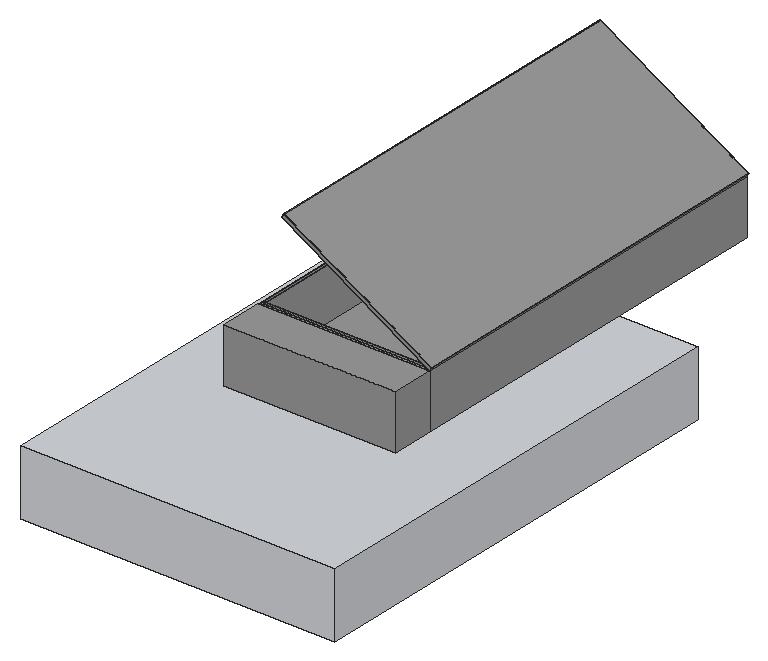
Revit family "Hager-Univers-IP55-D275-H2050-Cl.II-Steel_encl-CH-fr", category Equipement électrique, Revit 2020
Family settings
  Hôte = Face
  Configuration du panneau = Deux colonnes, circuits au sein
  Cote de connecteur circulaire = Utiliser le diamètre
  Type d'élément = Tableau de raccordement
  Couper avec des vides une fois chargée = Non
  Partagée = Non
  Point de calcul de pièce = Non
Parameters (values of type "installation au sol IP55 L800 H2050 P275  - FR23S2")
  Width Control [instance] = if([EF000008 - largeur] > Min Width, [EF000008 - largeur], Min Width)  # 800 mm
  Commentaires du type = [HG000003 - Gamme]  # "Univers"
  Thickness Door [instance] = if([EF009171 - épaisseur de matériau de la porte/du couvercle] > 3 mm, 3 mm, [EF009171 - épaisseur de matériau de la porte/du couvercle])  # 1.5 mm
  Seal Frame Offset [instance] = 17 mm  # constant formula
  Plinth Visibility [instance] = [HG000027 - Hauteur du socle] > 0 mm  # yes
  Model = ""
  Min Width [instance] = 100 mm  # constant formula
  Min Height [instance] = 100 mm  # constant formula
  Min Depth [instance] = (2 * [EF009170 - épaisseur de matériau du boîtier]) + 1 mm  # 4 mm
  Internal Frame Depth [instance] = (Door System Depth * 0.5)  # 9 mm
  Height Control [instance] = if([EF000040 - hauteur] > Min Height, [EF000040 - hauteur], Min Height)  # 2050 mm
  HG000027 - Hauteur du socle = 200 mm
  HG000026 - Installation au sol = yes
  HG000024 - Hauteur de la section basse = 800 mm
  HG000023 - Armoire double section = no
  HG000016 - Visibilité de la porte 3D [instance] = yes
  HG000015 - Visibilité de l'emprise de la porte [instance] = no
  HG000014 - Porte à droite [instance] = yes
  HG000013 - Porte à gauche [instance] = not([HG000014 - Porte à droite])  # no
  HG000012 - Angle de pivotement de la porte [instance] = 30.00°
  HG000010 - Portes asymétriques = no
  HG000009 - Porte à double battant = no
  HG000006 - Encastré = no
  HG000004 - Référence fabricant = "FR23S2"
  HG000003 - Gamme = "Univers"
  HG000002 - avec porte = yes
  Frame Offset Bottom [instance] = 10 mm  # constant formula
  Frame Offset [instance] = 15 mm  # constant formula
  EF015940 - couvercle avec décharge de pression = no
  EF011959 - degré de protection (NEMA) = ""
  EF009554 - nombre d'ouvertures pour plaques à bride = 6
  Fabricant = "Hager"  # constant formula
  EF009212 - finition du couvercle = "EV000116 - fermé"
  EF009171 - épaisseur de matériau de la porte/du couvercle = 1.5 mm
  EF009170 - épaisseur de matériau du boîtier = 1.5 mm
  EF008873 - courant nominal (In) = 800 A
  EF007800 - adapté à un parafoudre = no
  EF006306 - avec serrure = no
  EF006244 - couvercle/porte transparent(e) = no
  EF005474 - indice de protection (IP) = "EV006420 - IP55"
  EF004464 - type de porte = "EV002646 - unique"
  EF004427 - nombre de modules = 432
  EF004293 - indice de protection contre les chocs (IK) = "EV008784 - IK10"
  EF003532 - convient pour utilisation à l’extérieur = no
  EF002950 - largeur en nombre de modules = 24
  EF001613 - maintien de fonction = "EV000494 - sans"
  EF001596 - matériau du boîtier/corps = "EV000179 - acier"
  EF001131 - profondeur intérieure = 275 mm
  EF001088 - possibilité de montage en saillie = yes
  EF000437 - nombre d'entrées de conduit = 6
  EF000339 - type de capot = "EV004216 - porte"
  EF000266 - nombre de rangées = 12
  EF000218 - profondeur d'encastrement = 0 mm
  EF000118 - avec cadre/support de montage = no
  EF000116 - numéro RAL = "7035"
  EF000049 - profondeur = 275 mm
  EF000040 - hauteur = 2050 mm
  EF000008 - largeur = 800 mm
  EF000007 - couleur = "EV000270 - gris"
  EF000003 - mode de pose = "EV012274 - installation au sol"
  Door System Leaf Tolerance [instance] = 1.5 mm  # constant formula
  Door System Depth [instance] = 18 mm  # constant formula
  Door Height [instance] = Height Control - [HG000027 - Hauteur du socle]  # 1850 mm
  Depth Control [instance] = if([EF000049 - profondeur] > Min Depth, [EF000049 - profondeur], Min Depth)  # 275 mm
  Default Elevation = 0 mm
  Connector Offset [instance] = Height Control / 2  # 1025 mm
  Bottom Top Plate Trim [instance] = 1.5 mm  # constant formula
  Plinth height Ctrl [instance] = if([HG000027 - Hauteur du socle] > 0 mm, [HG000027 - Hauteur du socle], 12 mm)  # 200 mm
Types (11, lengths in mm): name | Width Control | HG000010 - Portes asymétriques | HG000009 - Porte à double battant | HG000004 - Référence fabricant | EF009554 - nombre d'ouvertures pour plaques à bride | EF006244 - couvercle/porte transparent(e) | EF004464 - type de porte | EF004427 - nombre de modules | EF000437 - nombre d'entrées de conduit | EF000008 - largeur
  installation au sol IP55 L1050 H2050 P275  - FR24L2 | 1050 | yes | yes | "FR24L2" | 8 | yes | "EV003602 - double" | 576 | 8 | 1050
  installation au sol IP55 L1050 H2050 P275  - FR24S2 | 1050 | yes | yes | "FR24S2" | 8 | no | "EV003602 - double" | 576 | 8 | 1050
  installation au sol IP55 L1300 H2050 P275  - FR25L2 | 1300 | yes | yes | "FR25L2" | 10 | yes | "EV003602 - double" | 720 | 10 | 1300
  installation au sol IP55 L1300 H2050 P275  - FR25S2 | 1300 | yes | yes | "FR25S2" | 10 | no | "EV003602 - double" | 720 | 10 | 1300
  installation au sol IP55 L1550 H2050 P275  - FR26L2 | 1550 | yes | yes | "FR26L2" | 12 | yes | "EV003602 - double" | 864 | 12 | 1550
  installation au sol IP55 L1550 H2050 P275  - FR26S2 | 1550 | yes | yes | "FR26S2" | 12 | no | "EV003602 - double" | 864 | 12 | 1550
  installation au sol IP55 L300 H2050 P275  - FR21S2 | 300 | no | no | "FR21S2" | 2 | no | "EV002646 - unique" | 144 | 2 | 300
  installation au sol IP55 L550 H2050 P275  - FR22L2 | 550 | no | no | "FR22L2" | 4 | yes | "EV002646 - unique" | 288 | 4 | 550
  installation au sol IP55 L550 H2050 P275  - FR22S2 | 550 | no | no | "FR22S2" | 4 | no | "EV002646 - unique" | 288 | 4 | 550
  installation au sol IP55 L800 H2050 P275  - FR23L2 | 800 | no | no | "FR23L2" | 6 | yes | "EV002646 - unique" | 432 | 6 | 800
  installation au sol IP55 L800 H2050 P275  - FR23S2 | 800 | no | no | "FR23S2" | 6 | no | "EV002646 - unique" | 432 | 6 | 800
Reference planes
  plane 1 "Center (Front/Back)": y = 0
  plane 2: z = 0
  plane 3 "Center (Left/Right)": x = 0
  plane 4: z = 275
  plane 5: y = 201.5
  plane 6: y = 1125
  plane 7: y = 200
  plane 8: y = 2050
  plane 9: z = 0
  plane 10: x = -385
  plane 11: x = 385
  plane 12: x = 383.5
  plane 13: x = -383.5
  plane 14: y = 2048.5
  plane 15: x = -383
  plane 16: x = -400
  plane 17: x = 383
  plane 18: x = 400
  plane 19: x = 398.5
  plane 20: x = -398.5
  plane 21: y = 211.5
  plane 22: y = 2050
  plane 23: y = 2033.5
  plane 24: z = 257
  plane 25: z = 1.5
  plane 26: z = 255.5
  plane 27: z = 273.5
Forms (mm)
  Extrusion 1, solid
    sketch origin (0, 0, 0) x (1, 0, 0) y (0, 1, 0)
      loop
        line (-702.964, 1305) -> (-702.964, -811.445) -> (766.763, -811.445) -> (766.763, 1305) -> (-702.964, 1305)
    from 0 to -304.8
  Extrusion 2, solid, material "Hager_Steel_RAL7035_Light_Grey", visible <- "Plinth Visibility", detail levels medium+fine
    sketch origin (0, 0, 0) x (1, 0, 0) y (0, 1, 0)
      loop
        line (-400, 0) -> (400, 0) -> (400, 200) -> (-400, 200) -> (-400, 0)
    from 0 to 257
  Extrusion 3, solid, material "Hager_Steel_RAL7035_Light_Grey", detail levels medium+fine
    sketch origin (0, 0, 0) x (1, 0, 0) y (0, 1, 0)
      loop
        line (-400, 200) -> (400, 200) -> (400, 2050) -> (-400, 2050) -> (-400, 200)
    from 0 to 257
  Extrusion 4, void
    sketch origin (0, 0, 0) x (1, 0, 0) y (0, 1, 0)
      loop
        line (-398.5, 201.5) -> (398.5, 201.5) -> (398.5, 2048.5) -> (-398.5, 2048.5) -> (-398.5, 201.5)
    from 1.5 to 255.5
  Extrusion 5, void
    sketch origin (-381.607, -4572, 257) x (0, -1, 0) y (-1, 0, 0)
      loop
        line (-4783.5, 1.893) -> (-6605.5, 1.893) -> (-6605.5, -765.107) -> (-4783.5, -765.107) -> (-4783.5, 1.893)
    from 0 to 1.5 <- "EF009170 - épaisseur de matériau du boîtier"
  Extrusion 6, solid, material "Hager_Steel_RAL7035_Light_Grey", detail levels fine
    sketch origin (0, 0, 257) x (1, 0, 0) y (0, 1, 0)
      loop
        line (-383.5, 2033.5) -> (-383.5, 211.5) -> (383.5, 211.5) -> (383.5, 2033.5) -> (-383.5, 2033.5)
      loop
        line (-385, 210) -> (385, 210) -> (385, 2035) -> (-385, 2035) -> (-385, 210)
    from 0 to 9 <- "Internal Frame Depth"
  Extrusion 7, solid, material "Hager_Steel_RAL7035_Light_Grey", detail levels coarse
    sketch origin (0, 0, 0) x (1, 0, 0) y (0, 1, 0)
      loop
        line (-400, 0) -> (400, 0) -> (400, 2050) -> (-400, 2050) -> (-400, 0)
    from 0 to 275
  Sweep 8, void
    path in 3D
      loop
        line (-400, 200, 0) -> (400, 200, 0) -> (400, 200, 257) -> (-400, 200, 257) -> (-400, 200, 0)
    profile origin (-400, 200, 128.5) x (-1, 0, 0) y (0, -1, 0)
      loop
        line (0, 0) -> (0, 1.5) -> (-1.5, 1.5)
        arc (-1.5, 1.5) -> (-1.061, 0.439) -> (0, 0) r 1.5
Cuts and joins
  Extrusion 4, Extrusion 5 cuts Extrusion 3
  Sweep 8 cuts Extrusion 2
Lines and regions (mm)
  Masking region 1
    outline origin (0, 0, 0) x (1, 0, 0) y (0, 0, 1)
      loop
        line (-400, 275) -> (-400, 0) -> (400, 0) -> (400, 275) -> (-400, 275)
  Masking region 2, detail levels medium+fine
    outline origin (0, 140, 0) x (0, 1, 0) y (0, 0, 1)
      loop
        line (60, 0) -> (1910, 0) -> (1910, 257) -> (60, 257) -> (60, 0)
  Masking region 3, not visible, detail levels medium+fine
    outline origin (0, 297.922, 0) x (0, 1, 0) y (0, 0, 1)
      loop
        line (838.578, 0) -> (878.578, 0) -> (878.578, 263.5)
        arc (878.578, 263.5) -> (875.649, 270.571) -> (868.578, 273.5) r 10
        line (868.578, 273.5) -> (838.578, 273.5) -> (838.578, 0)
  Masking region 4, detail levels coarse
    outline origin (0, 0, 180) x (0, 1, 0) y (0, 0, 1)
      loop
        line (0, -180) -> (2050, -180) -> (2050, 95) -> (0, 95) -> (0, -180)
  Masking region 5, visible <- "Plinth Visibility", detail levels medium+fine
    outline origin (0, 52.24, 12.345) x (0, 0, -1) y (0, 1, 0)
      loop
        line (10.845, 147.76) -> (-243.155, 147.76)
        arc (-243.155, 147.76) -> (-243.594, 146.699) -> (-244.655, 146.26) r 1.5
        line (-244.655, 146.26) -> (-244.655, -52.24) -> (12.345, -52.24) -> (12.345, 146.26)
        arc (12.345, 146.26) -> (11.285, 146.699) -> (10.845, 147.76) r 1.5
  Masking region 6, detail levels medium+fine
    outline origin (-381.607, -4572, 257) x (-1, 0, 0) y (0, -1, 0)
      loop
        line (18.393, -6622) -> (18.393, -4772) -> (-781.607, -4772) -> (-781.607, -6622) -> (18.393, -6622)
  Masking region 7, visible <- "Plinth Visibility", detail levels medium+fine
    outline origin (-381.607, -4727, 257) x (-1, 0, 0) y (0, -1, 0)
      loop
        arc (16.893, -4927) -> (17.332, -4925.939) -> (18.393, -4925.5) r 1.5
        line (18.393, -4925.5) -> (18.393, -4727) -> (-781.607, -4727) -> (-781.607, -4925.5)
        arc (-781.607, -4925.5) -> (-780.546, -4925.939) -> (-780.107, -4927) r 1.5
        line (-780.107, -4927) -> (16.893, -4927)
  Masking region 8, detail levels coarse
    outline origin (-442.548, -4669.526, 257) x (-1, 0, 0) y (0, -1, 0)
      loop
        line (-42.548, -6719.526) -> (-42.548, -4669.526) -> (-842.548, -4669.526) -> (-842.548, -6719.526) -> (-42.548, -6719.526)
  sketch lines
    curve 1: line (-400, 200, 257) -> (-400, 200, 0)
    curve 2: line (400, 200, 257) -> (-400, 200, 257)
    curve 3: line (400, 200, 257) -> (400, 200, 0)
    curve 4: line (-400, 200, 0) -> (400, 200, 0)
Dimensions and locks
  "Depth Control": plane 4 to Extrusion 1
  "HG000027 - Hauteur du socle": plane 1 "Center (Front/Back)" to plane 7
  "EF009170 - épaisseur de matériau du boîtier": plane 5 to plane 7
  locked: connector elem to plane 3 "Center (Left/Right)"
  equal spacing: plane 8, plane 6, plane 7
  locked: connector elem to plane 6
  "EF009170 - épaisseur de matériau du boîtier": plane 8 to plane 14
  "EF009170 - épaisseur de matériau du boîtier": plane 10 to plane 13
  "EF009170 - épaisseur de matériau du boîtier": plane 12 to plane 11
  "Frame Offset": plane 20 to plane 13
  "Frame Offset": plane 12 to plane 19
  "EF009170 - épaisseur de matériau du boîtier": plane 16 to plane 20
  "EF009170 - épaisseur de matériau du boîtier": plane 19 to plane 18
  "Seal Frame Offset": plane 16 to plane 15
  "Seal Frame Offset": plane 17 to plane 18
  "Frame Offset Bottom": plane 21 to plane 5
  "Frame Offset": plane 14 to plane 23
  equal spacing: plane 16, plane 3 "Center (Left/Right)", plane 18
  "Width Control": plane 16 to plane 18
  "EF009170 - épaisseur de matériau du boîtier": plane 4 to plane 27
  "EF009170 - épaisseur de matériau du boîtier": plane 24 to plane 26
  "EF009170 - épaisseur de matériau du boîtier": plane 25 to level
  "Door System Depth": plane 4 to plane 24
  "Height Control": plane 1 "Center (Front/Back)" to Extrusion 7 sketch curve
  "Height Control": Masking region 4 sketch curve to plane 1 "Center (Front/Back)"
  "Height Control": plane 1 "Center (Front/Back)" to plane 22
  "Bottom Top Plate Trim": profile plane to Sweep 8 sketch curve
  "Bottom Top Plate Trim": Sweep 8 sketch curve to profile plane
  "Plinth height Ctrl": plane 1 "Center (Front/Back)" to Extrusion 2 sketch curve
  "Plinth height Ctrl": Masking region 5 sketch curve to plane 1 "Center (Front/Back)"
  "Plinth height Ctrl": plane 1 "Center (Front/Back)" to Masking region 7 sketch curve
  "Thickness Door": Extrusion 6 sketch curve to Extrusion 6 sketch curve  (x3)
  "Thickness Door": cut or joined group of Extrusion 3, Extrusion 4, Extrusion 5 to Extrusion 6 sketch curve
  radius of Masking region 3 sketch curve = 10 mm
  "Bottom Top Plate Trim": radius of Masking region 5 sketch curve  (x2)
  "Bottom Top Plate Trim": radius of Sweep 8 sketch curve
  "Bottom Top Plate Trim": radius of Masking region 7 sketch curve  (x2)
  aligned and locked: plane 2 to Extrusion 1
  aligned and locked: level to Extrusion 1
  aligned and locked: level to Masking region 1 sketch curve
  aligned and locked: Masking region 1 sketch curve to plane 18
  aligned and locked: Masking region 1 sketch curve to plane 16
  aligned and locked: plane 7 to Masking region 2 sketch curve
  aligned and locked: level to Masking region 3 sketch curve
  aligned and locked: Masking region 3 sketch curve to plane 27
  aligned and locked: level to Masking region 2 sketch curve
  aligned and locked: plane 1 "Center (Front/Back)" to Extrusion 2 sketch curve
  aligned and locked: Extrusion 3 sketch curve to plane 7
  aligned and locked: plane 16 to Extrusion 3 sketch curve
  aligned and locked: plane 18 to Extrusion 3 sketch curve
  aligned and locked: plane 20 to Extrusion 4 sketch curve
  aligned and locked: plane 19 to Extrusion 4 sketch curve
  aligned and locked: Extrusion 4 sketch curve to plane 5
  aligned and locked: Extrusion 4 to plane 25
  aligned and locked: plane 26 to Extrusion 4
  aligned and locked: plane 24 to Extrusion 3
  aligned and locked: Extrusion 5 sketch curve to plane 21
  aligned and locked: Extrusion 5 sketch curve to plane 13
  aligned and locked: Extrusion 5 sketch curve to plane 12
  aligned and locked: plane 18 to Extrusion 7 sketch curve
  aligned and locked: plane 1 "Center (Front/Back)" to Extrusion 7 sketch curve
  aligned and locked: plane 16 to Extrusion 7 sketch curve
  aligned and locked: plane 4 to Extrusion 7
  aligned and locked: Extrusion 7 to level
  aligned and locked: level to Masking region 4 sketch curve
  aligned and locked: Masking region 4 sketch curve to plane 1 "Center (Front/Back)"
  aligned and locked: Masking region 4 sketch curve to plane 4
  aligned and locked: nested 1 to level
  aligned and locked: nested 1 to plane 16
  aligned and locked: plane 8 to Extrusion 3 sketch curve
  aligned and locked: plane 23 to Extrusion 5 sketch curve
  aligned and locked: plane 14 to Extrusion 4 sketch curve
  aligned and locked: Masking region 2 sketch curve to plane 8
  aligned and locked: level to Masking region 5 sketch curve
  aligned and locked: plane 16 to Extrusion 2 sketch curve
  aligned and locked: plane 18 to Extrusion 2 sketch curve
  aligned and locked: Masking region 5 sketch curve to plane 24
  aligned and locked: Masking region 2 sketch curve to plane 24
  aligned and locked: plane 24 to Extrusion 2
  aligned and locked: profile plane to Sweep 8 sketch curve  (x2)
  aligned and locked: Masking region 6 sketch curve to plane 18
  aligned and locked: Masking region 6 sketch curve to plane 22
  aligned and locked: Masking region 6 sketch curve to plane 16
  aligned and locked: plane 8 to plane 22
  aligned and locked: Masking region 6 sketch curve to plane 7
  aligned and locked: Masking region 7 sketch curve to plane 16
  aligned and locked: Masking region 7 sketch curve to plane 1 "Center (Front/Back)"
  aligned and locked: Masking region 7 sketch curve to plane 18
  aligned and locked: Masking region 8 sketch curve to plane 1 "Center (Front/Back)"
  aligned and locked: Masking region 8 sketch curve to plane 18
  aligned and locked: Masking region 8 sketch curve to plane 22
  aligned and locked: Masking region 8 sketch curve to plane 16
  aligned and locked: nested 2 to plane 7
  aligned and locked: plane 3 "Center (Left/Right)" to nested 2
  aligned and locked: nested 2 to plane 24
  aligned and locked: Extrusion 6 sketch curve to cut or joined group of Extrusion 3, Extrusion 4, Extrusion 5  (x4)
Automatic sketch dimensions
  Extrusion 1 sketch curve to Extrusion 1 sketch curve = 1469.727 mm
  Extrusion 1 sketch curve to Extrusion 1 sketch curve = 2116.445 mm
  Masking region 1 sketch curve to plane 4 = 0 mm
  plane 6 to Masking region 3 sketch curve = 11.5 mm
  Masking region 3 sketch curve to Masking region 3 sketch curve = 30 mm
  Masking region 5 sketch curve to plane 1 "Center (Front/Back)" = 0 mm
Nested families
  nested 1: "Hager_Enclosure_Symbol" at (-400, 0, 0) x (1, 0, 0) z (0, -1, 0), Height <- "Depth Control", Width <- "Width Control", type "Hager_Enclosure_Symbol"
    with Width_Ctrl 800 mm, Width 800 mm, Height_Ctrl 275 mm, Height 275 mm, A_Width_Int 18.047 mm, A_Width 216.562 mm, A_Height_Ctrl 240.625 mm, A_Height 240.625 mm
  nested 2: "EC000058_Univers_Door" at (0, 200, 257) x (1, 0, 0) z (0, 1, 0), Leaf_Tolerance <- "Door System Leaf Tolerance", Angle <- "HG000012 - Angle de pivotement de la porte", Door_Depth <- "Door System Depth", Door_Left <- "HG000013 - Porte à gauche", Transparent <- "EF006244 - couvercle/porte transparent(e)", Assymetrical <- "HG000010 - Portes asymétriques", Width <- "Width Control", Clearance <- "HG000015 - Visibilité de l'emprise de la porte", Double <- "HG000009 - Porte à double battant", 3d_Door <- "HG000016 - Visibilité de la porte 3D", Lock_Visibility <- "EF006306 - avec serrure", Width_Ctrl <- "Width Control", Door_Right <- "HG000014 - Porte à droite", Door <- "HG000002 - avec porte", Height <- "Door Height", Thickness <- "Thickness Door", type "EC000058_Univers_Door", detail levels medium+fine
    with min_wh 4 mm, Width_Ctrl 800 mm, Width 800 mm, Transparent no, Thickness 1.5 mm, Seal_Material Hager_Rubber, Lock_Visibility no, Lock_Material Hager_Plastic_RAL9005_Jet_Black, Leaf_Width 800 mm, Leaf_Tolerance_External_Sides 0 mm, Leaf_Tolerance 1.5 mm, Leaf_Offset 0 mm, Leaf_Height 1847 mm, Leaf_2_Width 800 mm, Leaf_2_Offset 400 mm, Leaf_1_Width 800 mm, Leaf_1_Offset 400 mm, Height_Ctrl 1850 mm, Height 1850 mm, Glass_Material Hager_Glass, Double_Clearance_Ctrl no, Double no, Door_Right_Ctrl yes, Door_Right yes, Door_Material Hager_Steel_RAL7035_Light_Grey, Door_Left_Ctrl no, Door_Left no, Door_Depth 18 mm, Door yes, Clearance_Material Hager_Clearance, Clearance_Depth 800 mm, Clearance_Ctrl no, Clearance no, Assymetrical no, Angle 30.00°, 3d_Door yes
Connectors
  electrical at (0, 1125, 0)
    settings: on plane 9, index 1, voltage 0 V, apparent load 0 VA, apparent load phase1 0 VA, apparent load phase2 0 VA, apparent load phase3 0 VA, power factor 1, load classification "Other", number of poles 1, system type 30, power factor state 1, is connector primary yes, connector utility no, sub classification motor no, connector description ""
Definition of nested family "EC000058_Univers_Door"
  Parameters (values of type "EC000058_Univers_Door")
    min_wh [instance] = (2 * Thickness) + 1 mm  # 11 mm
    Width_Ctrl [instance] = 400 mm
    Width [instance] = 500 mm
    Transparent [instance] = yes
    Thickness [instance] = 5 mm
    Seal_Material [instance] = none
    Lock_Visibility [instance] = yes
    Lock_Material [instance] = none
    Leaf_Width [instance] = if((Width_Ctrl - 2 * Leaf_Tolerance_External_Sides) > 0 mm, (Width_Ctrl - 2 * Leaf_Tolerance_External_Sides), min_wh)  # 400 mm
    Leaf_Tolerance_External_Sides [instance] = 0 mm  # constant formula
    Leaf_Tolerance [instance] = 1.5 mm
    Leaf_Offset [instance] = 0 mm  # constant formula
    Leaf_Height [instance] = if((Height_Ctrl - 2 * Leaf_Tolerance) > 0 mm, (Height_Ctrl - 2 * Leaf_Tolerance), min_wh)  # 497 mm
    Leaf_2_Width [instance] = if(and(and(Double, Assymetrical), Door_Left), (Leaf_Width / 3) - (Leaf_Tolerance / 2), if(and(and(Double, Assymetrical), Door_Right), (Leaf_Width / 3) * 2 - (Leaf_Tolerance / 2), if(and(Double, not(Assymetrical)), (Leaf_Width / 2) - Leaf_Tolerance, Leaf_Width)))  # 400 mm
    Leaf_2_Offset [instance] = if(and(Double, Assymetrical), Leaf_2_Width / 2, if(and(Double, not(Assymetrical)), Leaf_Width / 4, Leaf_Width / 2))  # 200 mm
    Leaf_1_Width [instance] = if(and(and(Double, Assymetrical), Door_Right), (Leaf_Width / 3) - (Leaf_Tolerance / 2), if(and(and(Double, Assymetrical), Door_Left), (Width / 3) * 2 - (Leaf_Tolerance / 2), if(and(Double, not(Assymetrical)), (Leaf_Width / 2) - Leaf_Tolerance, Leaf_Width)))  # 400 mm
    Leaf_1_Offset [instance] = if(and(Double, Assymetrical), Leaf_1_Width / 2, if(and(Double, not(Assymetrical)), Leaf_Width / 4, Leaf_Width / 2))  # 200 mm
    Height_Ctrl [instance] = if(Height > min_wh, Height, min_wh)  # 500 mm
    Height [instance] = 500 mm
    Glass_Material [instance] = none
    Double_Clearance_Ctrl [instance] = and(Double, Clearance)  # no
    Double [instance] = no
    Door_Right_Ctrl [instance] = and(or(Door_Right, Double), Door)  # yes
    Door_Right [instance] = yes
    Door_Material [instance] = none
    Door_Left_Ctrl [instance] = and(or(Door_Left, Double), Door)  # no
    Door_Left [instance] = no
    Door_Depth [instance] = 30 mm
    Door [instance] = yes
    Default Elevation = 1219.2 mm
    Clearance_Material [instance] = none
    Clearance_Depth [instance] = if(Leaf_1_Width > Leaf_2_Width, Leaf_1_Width, Leaf_2_Width)  # 400 mm
    Clearance_Ctrl [instance] = and(not(Double), Clearance)  # yes
    Clearance [instance] = yes
    Assymetrical [instance] = yes
    Angle [instance] = 30.00°
    3d_Door [instance] = yes
  Reference planes
    plane 1 "Center (Front/Back)": y = 0
    plane 2 "Bottom": z = 0
    plane 3 "Center (Left/Right)": x = 0
    plane 4: z = 500
    plane 5: x = -200
    plane 6: x = 200
    plane 7: z = 500
    plane 8: x = -200
    plane 9: z = 0
    plane 10: x = 200
    plane 11: y = 0
    plane 12: z = 1.5
    plane 13: x = -600
    plane 14: y = -400
    plane 15: x = 600
    plane 16: x = 0
    plane 17: x = 0
    plane 18: x = -200
    plane 19: x = 200
    plane 20: z = 498.5
  Forms (mm)
    Extrusion 1, solid, material <- "Clearance_Material", visible <- "Double_Clearance_Ctrl"
      sketch origin (1200, 0, 0) x (1, 0, 0) y (0, 0, -1)
        loop
          line (-1800, -498.5) -> (-600, -498.5) -> (-600, 0) -> (-1800, 0) -> (-1800, -498.5)
      from 0 to -400
  Dimensions and locks
    equal spacing: plane 5, plane 3 "Center (Left/Right)", plane 6
    "Width_Ctrl": plane 5 to plane 6
    "Leaf_Offset": plane 5 to plane 8
    "Leaf_Offset": plane 6 to plane 10
    "Leaf_Offset": plane 9 to level
    "Leaf_Offset": plane 4 to plane 7
    "Height_Ctrl": plane 4 to level
    "Leaf_Tolerance": plane 12 to plane 9
    locked: plane 11 to plane 1 "Center (Front/Back)"
    "Leaf_1_Offset": plane 18 to plane 16
    "Leaf_2_Offset": plane 17 to plane 19
    "Leaf_1_Width": plane 13 to plane 8
    "Leaf_2_Width": plane 10 to plane 15
    "Clearance_Depth": plane 14 to plane 1 "Center (Front/Back)"
    "Leaf_Tolerance_External_Sides": plane 8 to plane 18
    "Leaf_Tolerance_External_Sides": plane 19 to plane 10
    "Leaf_Tolerance": plane 7 to plane 20
    aligned and locked: level to plane 2 "Bottom"
    aligned and locked: nested 1 to plane 16
    aligned and locked: nested 2 to plane 17
    aligned and locked: Extrusion 1 to plane 13
    aligned and locked: plane 15 to Extrusion 1
    aligned and locked: Extrusion 1 to plane 14
    aligned and locked: plane 12 to nested 1
    aligned and locked: nested 2 to plane 12
    aligned and locked: Extrusion 1 to plane 11
    aligned and locked: plane 20 to Extrusion 1
    aligned and locked: nested 2 to plane 11
    aligned and locked: nested 1 to plane 11
  Automatic sketch dimensions
    Extrusion 1 sketch curve to level = 0 mm
    plane 5 to Extrusion 1 sketch curve = 400 mm
    plane 6 to Extrusion 1 sketch curve = 400 mm
    Extrusion 1 sketch curve to plane 4 = 1.5 mm
  Nested families
    nested 1: "EC000058_Univers_Door_Leaf" at (0, 0, 1.5), Width <- "Leaf_1_Width", visible <- "Door_Left_Ctrl", Leaf_Height <- "Leaf_Height", Angle <- "Angle", 3d_Door <- "3d_Door", Transparent <- "Transparent", Clearance Material <- "Clearance_Material", Clearance <- "Clearance_Ctrl", Door_Material <- "Door_Material", Glass_Material <- "Glass_Material", Door_Depth <- "Door_Depth", Lock_Material <- "Lock_Material", Seal_Material <- "Seal_Material", Lock_Visibility <- "Lock_Visibility", Thickness <- "Thickness", type "EC000058_Univers_Door_Leaf"
      with Width 400 mm, Transparent_Glass_Offset 30 mm, Transparent_Ctrl yes, Transparent yes, Thickness 5 mm, Standard no, Seal_Material none, Seal_D2 8 mm, Seal_D1 1 mm, Offset_Internal_Frame 10 mm, Lock_Width 20 mm, Lock_Visibility_3d yes, Lock_Visibility yes, Lock_Thickness_3 3 mm, Lock_Thickness_2 1 mm, Lock_Thickness_1 3 mm, Lock_Radius_Offset_2 16 mm, Lock_Radius_Offset_1 15 mm, Lock_Radius_2 5 mm, Lock_Radius 6 mm, Lock_Offset 5 mm, Lock_Material none, Lock_Height 80 mm, Lock_Cover_Top_Offset_2d 17 mm, Lock_Cover_Height -65 mm, Leaf_Height 497 mm, Internal_Seal_Thickness 8 mm, Internal_Seal_Depth_2 4.5 mm, Internal_Frame_Depth 25 mm, Glass_Thickness -1 mm, Glass_Offset -2 mm, Glass_Material none, Door_Material none, Door_Depth 30 mm, Clearance Material none, Clearance yes, Angle_Ctrl 30.00°, Angle 30.00°, 3d_Door yes
    nested 2: "EC000058_Univers_Door_Leaf" at (0, 0, 1.5) x (-1, 0, 0) z (0, 0, 1), Width <- "Leaf_2_Width", visible <- "Door_Right_Ctrl", Leaf_Height <- "Leaf_Height", Angle <- "Angle", 3d_Door <- "3d_Door", Transparent <- "Transparent", Clearance Material <- "Clearance_Material", Clearance <- "Clearance_Ctrl", Door_Material <- "Door_Material", Glass_Material <- "Glass_Material", Door_Depth <- "Door_Depth", Lock_Material <- "Lock_Material", Seal_Material <- "Seal_Material", Lock_Visibility <- "Lock_Visibility", Thickness <- "Thickness", type "EC000058_Univers_Door_Leaf"
      with Width 400 mm, Transparent_Glass_Offset 30 mm, Transparent_Ctrl yes, Transparent yes, Thickness 5 mm, Standard no, Seal_Material none, Seal_D2 8 mm, Seal_D1 1 mm, Offset_Internal_Frame 10 mm, Lock_Width 20 mm, Lock_Visibility_3d yes, Lock_Visibility yes, Lock_Thickness_3 3 mm, Lock_Thickness_2 1 mm, Lock_Thickness_1 3 mm, Lock_Radius_Offset_2 16 mm, Lock_Radius_Offset_1 15 mm, Lock_Radius_2 5 mm, Lock_Radius 6 mm, Lock_Offset 5 mm, Lock_Material none, Lock_Height 80 mm, Lock_Cover_Top_Offset_2d 17 mm, Lock_Cover_Height -65 mm, Leaf_Height 497 mm, Internal_Seal_Thickness 8 mm, Internal_Seal_Depth_2 4.5 mm, Internal_Frame_Depth 25 mm, Glass_Thickness -1 mm, Glass_Offset -2 mm, Glass_Material none, Door_Material none, Door_Depth 30 mm, Clearance Material none, Clearance yes, Angle_Ctrl 30.00°, Angle 30.00°, 3d_Door yes
  Definition of nested family "EC000058_Univers_Door_Leaf"
    Parameters (values of type "EC000058_Univers_Door_Leaf")
      Width [instance] = 2000 mm
      Transparent_Glass_Offset [instance] = 30 mm
      Transparent_Ctrl [instance] = and(Transparent, [3d_Door])  # yes
      Transparent [instance] = yes
      Thickness [instance] = 5 mm
      Standard [instance] = and(not(Transparent), [3d_Door])  # no
      Seal_Material [instance] = none
      Seal_D2 [instance] = 8 mm  # constant formula
      Seal_D1 [instance] = 1 mm  # constant formula
      Offset_Internal_Frame [instance] = 10 mm  # constant formula
      Lock_Width [instance] = 20 mm  # constant formula
      Lock_Visibility_3d [instance] = and(Lock_Visibility, [3d_Door])  # yes
      Lock_Visibility [instance] = yes
      Lock_Thickness_3 [instance] = 3 mm  # constant formula
      Lock_Thickness_2 [instance] = 1 mm  # constant formula
      Lock_Thickness_1 [instance] = 3 mm  # constant formula
      Lock_Radius_Offset_2 [instance] = Lock_Radius_Offset_1 + 1 mm  # 16 mm
      Lock_Radius_Offset_1 [instance] = 15 mm  # constant formula
      Lock_Radius_2 [instance] = Lock_Radius - 1 mm  # 5 mm
      Lock_Radius [instance] = 6 mm  # constant formula
      Lock_Offset [instance] = 5 mm  # constant formula
      Lock_Material [instance] = none
      Lock_Height [instance] = 80 mm  # constant formula
      Lock_Cover_Top_Offset_2d [instance] = Lock_Radius_Offset_2 + 1 mm  # 17 mm
      Lock_Cover_Height [instance] = -(Lock_Height - Lock_Radius_Offset_1)  # -65 mm
      Leaf_Height [instance] = 2720.336 mm
      Internal_Seal_Thickness [instance] = 8 mm  # constant formula
      Internal_Seal_Depth_2 [instance] = 4.5 mm  # constant formula
      Internal_Frame_Depth [instance] = if(Door_Depth - Thickness > 5 mm, Door_Depth - Thickness, 5 mm)  # 25 mm
      Glass_Thickness [instance] = if(Thickness > 15 mm, Glass_Offset + 10 mm, -1 mm)  # -1 mm
      Glass_Offset [instance] = if(Thickness > 15 mm, -(Thickness + 10 mm) / 2, -2 mm)  # -2 mm
      Glass_Material [instance] = none
      Door_Material [instance] = none
      Door_Depth [instance] = 30 mm
      Default Elevation = 0 mm
      Clearance Material [instance] = none
      Clearance [instance] = yes
      Angle_Ctrl [instance] = if(Angle > 180.00°, 180.00°, Angle)  # 90.00°
      Angle [instance] = 90.00°
      3d_Door [instance] = yes
    Reference planes
      plane 1 "Center (Front/Back)": y = 0
      plane 2: z = 0
      plane 3 "Center (Left/Right)": x = 0
      plane 4: y = 2000
      plane 5: x = -1000
      plane 6: x = 1000
      plane 7: x = -3000
      plane 8: z = 2720.336
      plane 9: z = 30
      plane 10: z = 2690.336
      plane 11: x = 970
      plane 12: x = -970
      plane 13: y = -3
      plane 14: z = 107.833
      plane 15: y = -5
      plane 16: y = -223.314
      plane 17: x = -1000
      plane 18: z = 1360.168
      plane 19: y = 30
    Forms (mm)
      Extrusion 1, solid, material <- "Clearance Material", visible <- "Clearance"
        sketch origin (0, 0, 0) x (1, 0, 0) y (0, 0, 1)
          loop
            line (-3000, 2720.336) -> (-3000, 0) -> (1000, 0) -> (1000, 2720.336) -> (-3000, 2720.336)
        from 0 to -2000
      Extrusion 2, solid, material <- "Door_Material", visible <- "Standard", detail levels medium+fine
        sketch origin (-1000, 0, 0) x (0, 1, 0) y (-1, 0, 0)
          loop
            line (0, 30) -> (0, 25) -> (2000, 25) -> (2000, 30) -> (0, 30)
        from 0 to 2720.336 <- "Leaf_Height"
      Extrusion 3, solid, material <- "Door_Material", visible <- "Transparent_Ctrl", detail levels medium+fine
        sketch origin (-1000, 0, 0) x (0, 1, 0) y (-1, 0, 0)
          loop
            line (0, 25) -> (2000, 25) -> (2000, 30) -> (0, 30) -> (0, 25)
        from 0 to 2720.336 <- "Leaf_Height"
      Extrusion 4, void
        sketch origin (-1025, 2000, 0) x (0, 1, 0) y (0, 0, -1)
          loop
            line (-30, -2690.336) -> (-30, -30) -> (-1970, -30) -> (-1970, -2690.336) -> (-30, -2690.336)
        from 0 to 5 <- "Thickness"
      Sweep 5, solid, material <- "Seal_Material", visible <- "Transparent_Ctrl", detail levels fine
        path in 3D
          loop
            line (-1025, 30, 30) -> (-1025, 30, 2690.336) -> (-1025, 1970, 2690.336) -> (-1025, 1970, 30) -> (-1025, 30, 30)
        profile origin (-1025, 1000, 30) x (1, 0, 0) y (0, 0, 1)
          loop
            line (0, 0) -> (0, -8) -> (1, -8) -> (1, 0) -> (0, 0)
      Extrusion 6, solid, material <- "Glass_Material", visible <- "Transparent_Ctrl", detail levels medium+fine
        sketch origin (-1030, 0, 0) x (0, 1, 0) y (0, 0, -1)
          loop
            line (1970, -2690.336) -> (1970, -30) -> (30, -30) -> (30, -2690.336) -> (1970, -2690.336)
        from -2 <- "Glass_Offset" to -1 <- "Glass_Thickness"
      Extrusion 7, solid, material <- "Door_Material", visible <- "3d_Door", detail levels medium+fine
        sketch origin (-1025, 2000, 0) x (0, -1, 0) y (0, 0, -1)
          loop
            line (0, -2720.336) -> (2000, -2720.336) -> (2000, 0) -> (0, 0) -> (0, -2720.336)
          loop
            line (1995, -5) -> (5, -5) -> (5, -2715.336) -> (1995, -2715.336) -> (1995, -5)
        from 0 to 25 <- "Internal_Frame_Depth"
      Sweep 8, solid, material <- "Seal_Material", visible <- "Transparent_Ctrl", detail levels fine
        path in 3D
          loop
            line (-1025, 0, 0) -> (-1025, 2000, 0) -> (-1025, 2000, 2720.336) -> (-1025, 0, 2720.336) -> (-1025, 0, 0)
        profile origin (-1025, 0, 1360.168) x (1, 0, 0) y (0, 1, 0)
          loop
            line (0, 10) -> (2.975, 10)
            arc (2.975, 10) -> (4.053, 10.447) -> (4.5, 11.525) r 1.525
            line (4.5, 11.525) -> (4.5, 16.527)
            arc (4.5, 16.527) -> (4.069, 17.569) -> (3.027, 18) r 1.473
            line (3.027, 18) -> (0, 18) -> (0, 10)
      Extrusion 9, solid, material <- "Lock_Material", visible <- "Lock_Visibility_3d", detail levels fine
        sketch origin (-1030, 0, 0) x (0, 1, 0) y (0, 0, -1)
          loop
            arc (1993.5, -1400.168) -> (1994.561, -1399.729) -> (1995, -1398.668) r 1.5
            line (1995, -1398.668) -> (1995, -1320.168) -> (1975, -1320.168) -> (1975, -1398.668)
            arc (1975, -1398.668) -> (1975.439, -1399.729) -> (1976.5, -1400.168) r 1.5
            line (1976.5, -1400.168) -> (1993.5, -1400.168)
        from 3 <- "Lock_Thickness_1" to 0
      Blend 10, solid, material <- "Lock_Material", visible <- "Lock_Visibility_3d", detail levels fine
        base sketch origin (-1033, 0, 0) x (0, 1, 0) y (0, 0, -1)
          loop
            line (1975, -1320.168) -> (1975, -1398.668)
            arc (1975, -1398.668) -> (1975.439, -1399.729) -> (1976.5, -1400.168) r 1.5
            line (1976.5, -1400.168) -> (1993.5, -1400.168)
            arc (1993.5, -1400.168) -> (1994.561, -1399.729) -> (1995, -1398.668) r 1.5
            line (1995, -1398.668) -> (1995, -1320.168) -> (1975, -1320.168)
        top sketch origin (-1033, 0, 0) x (0, 1, 0) y (0, 0, -1)
          loop
            line (1976, -1320.168) -> (1976, -1398.668)
            arc (1976, -1398.668) -> (1976.146, -1399.022) -> (1976.5, -1399.168) r 0.5
            line (1976.5, -1399.168) -> (1993.5, -1399.168)
            arc (1993.5, -1399.168) -> (1993.854, -1399.022) -> (1994, -1398.668) r 0.5
            line (1994, -1398.668) -> (1994, -1320.168) -> (1976, -1320.168)
        from 0 to 1 <- "Lock_Thickness_2"
      Blend 11, solid, material <- "Lock_Material", visible <- "Lock_Visibility_3d", detail levels fine
        base sketch origin (-1034, 0, 0) x (0, 1, 0) y (0, 0, -1)
          loop
            line (1978, -1320.168) -> (1978, -1384.168)
            arc (1978, -1384.168) -> (1985, -1391.168) -> (1992, -1384.168) r 7
            line (1992, -1384.168) -> (1992, -1320.168) -> (1978, -1320.168)
        top sketch origin (-1034, 0, 0) x (0, 1, 0) y (0, 0, -1)
          loop
            line (1991, -1320.168) -> (1979, -1320.168) -> (1979, -1383.168)
            arc (1979, -1383.168) -> (1985, -1389.168) -> (1991, -1383.168) r 6
            line (1991, -1383.168) -> (1991, -1320.168)
        from 0 to 3 <- "Lock_Thickness_3"
      Extrusion 12, solid, material <- "Lock_Material", visible <- "Lock_Visibility_3d", detail levels fine
        sketch origin (-1030, 1975, 1320.168) x (1, 0, 0) y (0, -1, 0)
          loop
            line (-7, -19) -> (-7, -1) -> (0, -1) -> (0, 0) -> (-8, 0) -> (-8, -20) -> (0, -20) -> (0, -19) -> (-7, -19)
        from 0 to -65 <- "Lock_Cover_Height"
      Extrusion 13, void
        sketch origin (-1038, 1995, 1320.168) x (-1, 0, 0) y (0, 0, -1)
          loop
            line (-5, -65) -> (0, -65) -> (-5, -60) -> (-5, -65)
        from 0 to 20 <- "Lock_Width"
      Extrusion 14, void
        sketch origin (-1038, 1975, 1320.168) x (0, -1, 0) y (0, 0, -1)
          loop
            circle (-10, -15.995) r 6
          loop
            circle (-10, -15.995) r 5
        from 0 to 2
      Extrusion 15, solid, material <- "Lock_Material", visible <- "Lock_Visibility_3d", detail levels medium
        sketch origin (-1030, 0, 0) x (0, 1, 0) y (0, 0, -1)
          loop
            arc (1993.5, -1400.168) -> (1994.561, -1399.729) -> (1995, -1398.668) r 1.5
            line (1995, -1398.668) -> (1995, -1320.168) -> (1975, -1320.168) -> (1975, -1398.668)
            arc (1975, -1398.668) -> (1975.439, -1399.729) -> (1976.5, -1400.168) r 1.5
            line (1976.5, -1400.168) -> (1993.5, -1400.168)
        from 8 to 0
    Cuts and joins
      Extrusion 4 cuts Extrusion 3
      Extrusion 13, Extrusion 14 cuts Extrusion 9
      Extrusion 14 cuts Blend 11
      Extrusion 13, Extrusion 14 cuts Extrusion 12
      joined: Extrusion 9, Blend 10, Blend 11, Extrusion 12
      Extrusion 14 cuts Extrusion 15
    Lines and regions (mm)
      Masking region 1, visible <- "Lock_Visibility", detail levels fine
        outline origin (0, 0, 0) x (0, 1, 0) y (0, 0, 1)
          loop
            line (30, 1320.168) -> (33, 1320.168) -> (33, 1400.168) -> (30, 1400.168) -> (30, 1320.168)
      Masking region 2, visible <- "Lock_Visibility", detail levels fine
        outline origin (0, 3.143, 0) x (0, 1, 0) y (0, 0, 1)
          loop
            line (29.857, 1354.168) -> (30.857, 1354.168) -> (30.857, 1366.168) -> (29.857, 1366.168) -> (29.857, 1354.168)
      Masking region 3, detail levels medium+fine
        outline origin (0, 0, 0) x (0, 1, 0) y (0, 0, 1)
          loop
            line (0, 0) -> (30, 0) -> (30, 2720.336) -> (0, 2720.336) -> (0, 0)
      Masking region 4, detail levels medium+fine
        outline origin (0, 0, 0) x (1, 0, 0) y (0, 0, 1)
          loop
            line (-1000, 2720.336) -> (-1000, 0) -> (1000, 0) -> (1000, 2720.336) -> (-1000, 2720.336)
      Masking region 5, visible <- "Lock_Visibility", detail levels fine
        outline origin (-47.116, 0, 0) x (1, 0, 0) y (0, 0, 1)
          loop
            arc (1024.616, 1399.168) -> (1023.556, 1398.729) -> (1023.116, 1397.668) r 1.5
            line (1023.116, 1397.668) -> (1023.116, 1320.168) -> (1041.116, 1320.168) -> (1041.116, 1397.668)
            arc (1041.116, 1397.668) -> (1040.677, 1398.729) -> (1039.616, 1399.168) r 1.5
            line (1039.616, 1399.168) -> (1024.616, 1399.168)
      Masking region 6, visible <- "Lock_Visibility", detail levels medium+fine
        outline origin (-25, 0, 0) x (1, 0, 0) y (0, 0, 1)
          loop
            arc (1001.5, 1400.168) -> (1000.439, 1399.729) -> (1000, 1398.668) r 1.5
            line (1000, 1398.668) -> (1000, 1320.168) -> (1020, 1320.168) -> (1020, 1398.668)
            arc (1020, 1398.668) -> (1019.561, 1399.729) -> (1018.5, 1400.168) r 1.5
            line (1018.5, 1400.168) -> (1001.5, 1400.168)
      Masking region 7, visible <- "Lock_Visibility", detail levels fine
        outline origin (-73.735, 0, 0) x (1, 0, 0) y (0, 0, 1)
          loop
            line (1051.735, 1382.168) -> (1065.735, 1382.168) -> (1065.735, 1384.168)
            arc (1065.735, 1384.168) -> (1058.735, 1391.168) -> (1051.735, 1384.168) r 7
            line (1051.735, 1384.168) -> (1051.735, 1382.168)
      Masking region 8, visible <- "Lock_Visibility", detail levels fine
        outline origin (-73.735, 0, 0) x (1, 0, 0) y (0, 0, 1)
          loop
            line (1052.735, 1382.168) -> (1064.735, 1382.168) -> (1064.735, 1383.168)
            arc (1064.735, 1383.168) -> (1058.735, 1389.168) -> (1052.735, 1383.168) r 6
            line (1052.735, 1383.168) -> (1052.735, 1382.168)
      Masking region 9, visible <- "Lock_Visibility", detail levels fine
        outline origin (-25, 0, 0) x (1, 0, 0) y (0, 0, 1)
          loop
            line (1020, 1320.168) -> (1020, 1382.168) -> (1000, 1382.168) -> (1000, 1320.168) -> (1020, 1320.168)
      Masking region 10, detail levels medium+fine
        outline origin (0, 0, 0) x (1, 0, 0) y (0, 0, 1)
          loop
            circle (985, 1335.144) r 6
      Masking region 11, detail levels fine
        outline origin (0, 0, 0) x (1, 0, 0) y (0, 0, 1)
          loop
            circle (985, 1335.144) r 5
      Masking region 12, visible <- "Lock_Visibility", detail levels fine
        outline origin (0, 12.767, 0) x (0, 1, 0) y (0, 0, 1)
          loop
            line (20.233, 1320.168) -> (21.233, 1320.168) -> (21.233, 1399.168) -> (20.233, 1400.168) -> (20.233, 1320.168)
      Masking region 13, visible <- "Lock_Visibility", detail levels fine
        outline origin (0, 13.767, -10) x (0, 1, 0) y (0, 0, 1)
          loop
            line (20.233, 1330.168) -> (23.233, 1330.168) -> (23.233, 1399.168) -> (20.233, 1402.168) -> (20.233, 1330.168)
      Masking region 14, visible <- "Lock_Visibility", detail levels fine
        outline origin (0, 12.767, -10) x (0, 1, 0) y (0, 0, 1)
          loop
            line (20.233, 1330.168) -> (25.233, 1330.168) -> (25.233, 1399.305) -> (20.233, 1394.305) -> (20.233, 1330.168)
      Masking region 15, visible <- "Lock_Visibility", detail levels medium
        outline origin (0, 0, 0) x (0, 1, 0) y (0, 0, 1)
          loop
            line (30, 1320.168) -> (38, 1320.168) -> (38, 1400.168) -> (30, 1400.168) -> (30, 1320.168)
      Masking region 16, visible <- "Lock_Visibility", detail levels fine
        outline origin (-1000, 0, 0) x (0, 1, 0) y (-1, 0, 0)
          loop
            line (1975, 30) -> (1995, 30) -> (1995, 38) -> (1975, 38) -> (1975, 30)
          loop
            line (1979, 37) -> (1976, 37) -> (1976, 34) -> (1978, 34) -> (1979, 37)
          loop
            line (1994, 37) -> (1991, 37) -> (1992, 34) -> (1994, 34) -> (1994, 37)
      Masking region 17, visible <- "Lock_Visibility", detail levels medium
        outline origin (-1000, 0, 0) x (0, 1, 0) y (-1, 0, 0)
          loop
            line (1975, 30) -> (1995, 30) -> (1995, 38) -> (1975, 38) -> (1975, 30)
      symbolic lines
        curve 1: line (1000, 0, 0) -> (-3000, 0, 0)
        curve 2: arc (1000, 0, 0) -> (-1000, 2000, 0) -> (-3000, 0, 0) r 2000
        curve 4: line (-1030, 0, 0) -> (-1030, 2000, 0)
      reference lines
        curve 3: line (-1000, 0, 0) -> (-1000, 2000, 0)
      symbolic lines, detail levels medium+fine
        curve 5: line (-1030, 2000, 0) -> (-1025, 2000, 0)
        curve 7: line (-1025, 0, 0) -> (-1030, 0, 0)
        curve 8: line (-1025, 0, 0) -> (-1000, 0, 0)
        curve 9: line (-1000, 0, 0) -> (-1000, 2000, 0)
        curve 10: line (-1000, 2000, 0) -> (-1025, 2000, 0)
      symbolic lines, detail levels fine
        curve 6: line (-1025, 2000, 0) -> (-1025, 0, 0)
      sketch lines
        curve 11: line (-1025, 0, 2720.336) -> (-1025, 0, 0)
        curve 12: line (-1025, 2000, 0) -> (-1025, 0, 0)
        curve 13: line (-1025, 2000, 2720.336) -> (-1025, 2000, 0)
        curve 14: line (-1025, 0, 2720.336) -> (-1025, 2000, 2720.336)
        curve 15: line (-1025, 1970, 30) -> (-1025, 30, 30)
        curve 16: line (-1025, 30, 30) -> (-1025, 30, 2690.336)
        curve 17: line (-1025, 1970, 2690.336) -> (-1025, 1970, 30)
        curve 18: line (-1025, 30, 2690.336) -> (-1025, 1970, 2690.336)
      symbolic lines, visible <- "Transparent", detail levels medium+fine
        curve 19: line (-970, 0, 2690.336) -> (970, 0, 2690.336)
        curve 20: line (-970, 0, 30) -> (-970, 0, 2690.336)
        curve 21: line (970, 0, 30) -> (-970, 0, 30)
        curve 22: line (970, 0, 2690.336) -> (970, 0, 30)
    Dimensions and locks
      "Width": plane 1 "Center (Front/Back)" to plane 4
      equal spacing: plane 5, plane 3 "Center (Left/Right)", plane 6
      "Width": plane 5 to plane 6
      "Width": plane 7 to plane 5
      "Leaf_Height": plane 8 to level
      "Width": curve 5 to curve 3
      "Width": curve 3 to curve 3
      plane 8 to plane 10 = 30 mm
      plane 9 to level = 30 mm
      plane 12 to plane 5 = 30 mm
      plane 6 to plane 11 = 30 mm
      Extrusion 1 to Extrusion 4 sketch curve = 30 mm
      "Transparent_Glass_Offset": curve 3 to Extrusion 4 sketch curve
      "Transparent_Glass_Offset": Extrusion 4 sketch curve to cut or joined group of Extrusion 3, Extrusion 4  (x2)
      cut or joined group of Extrusion 3, Extrusion 4 to Extrusion 6 sketch curve = 30 mm
      "Transparent_Glass_Offset": cut or joined group of Extrusion 3, Extrusion 4 to Extrusion 4 sketch curve
      "Thickness": curve 6 to curve 4
      "Thickness": Extrusion 7 sketch curve to Extrusion 7 sketch curve  (x4)
      "Door_Depth": curve 4 to curve 3
      "Offset_Internal_Frame": profile plane to Sweep 8 sketch curve
      "Internal_Seal_Thickness": Sweep 8 sketch curve to Sweep 8 sketch curve
      "Internal_Seal_Depth_2": profile plane to Sweep 8 sketch curve
      "Seal_D1": profile plane to Sweep 5 sketch curve
      "Seal_D2": profile plane to Sweep 5 sketch curve
      "Thickness": Extrusion 2 sketch curve to Extrusion 2 sketch curve
      equal spacing: Extrusion 9 sketch curve, plane 18, Extrusion 9 sketch curve  (x2)
      equal spacing: Masking region 1 sketch curve, plane 18, Masking region 1 sketch curve
      "Lock_Height": Masking region 1 sketch curve to Masking region 1 sketch curve
      "Lock_Radius": Masking region 2 sketch curve to plane 18 to Masking region 2 sketch curve
      Masking region 2 sketch curve to Masking region 1 = 1 mm
      "Door_Depth": plane 19 to plane 1 "Center (Front/Back)"
      "Lock_Thickness_1": Masking region 1 sketch curve to plane 19
      "Lock_Width": Extrusion 9 sketch curve to Extrusion 9 sketch curve
      "Lock_Height": Extrusion 9 sketch curve to Extrusion 9 sketch curve
      "Lock_Offset": cut or joined group of Extrusion 3, Extrusion 4 to Extrusion 9 sketch curve
      equal spacing: plane 8, plane 18, level
      "Lock_Radius_Offset_1": Blend 11 sketch curve to Blend 10
      locked: Blend 10 to Blend 11 sketch curve at 2  (x2)
      locked: var sketch to Blend 11 sketch curve at 1  (x2)
      "Lock_Radius_Offset_2": Blend 11 sketch curve to Blend 10
      locked: Extrusion 12 sketch curve to Extrusion 12 sketch curve at 1  (x3)
      Masking region 6 sketch curve to Masking region 6 sketch curve = 80 mm
      "Lock_Height": Masking region 6 sketch curve to Masking region 6 sketch curve
      "Lock_Width": Masking region 6 sketch curve to Masking region 6 sketch curve
      locked: Masking region 6 to Masking region 5 sketch curve at 1  (x3)
      locked: Masking region 5 to Masking region 7 sketch curve at 2  (x2)
      "Lock_Radius_Offset_1": Masking region 5 to Masking region 7 sketch curve
      "Lock_Radius_Offset_2": Masking region 5 to Masking region 8 sketch curve
      locked: Masking region 7 to Masking region 8 sketch curve at 1  (x2)
      "Lock_Cover_Top_Offset_2d": Masking region 5 to Masking region 9 sketch curve
      equal spacing: Masking region 9, Masking region 10 sketch curve, Masking region 9
      equal spacing: Masking region 9, Masking region 11 sketch curve, Masking region 9
      Extrusion 15 sketch curve to Extrusion 15 sketch curve = 80 mm
      "Lock_Width": Extrusion 15 sketch curve to Extrusion 15 sketch curve
      "Lock_Height": Extrusion 15 sketch curve to Extrusion 15 sketch curve
      equal spacing: Extrusion 15 sketch curve, plane 18, Extrusion 15 sketch curve
      "Lock_Thickness_3": Masking region 13 sketch curve to Masking region 13 sketch curve
      "Lock_Height": Masking region 12 sketch curve to Masking region 12 sketch curve
      locked: Masking region 13 sketch curve to Masking region 1 at 8
      locked: Masking region 14 sketch curve to Masking region 13 at 1
      locked: Masking region 14 sketch curve to Masking region 1 at 10.863
      "Lock_Height": Masking region 15 sketch curve to Masking region 15 sketch curve
      "Lock_Offset": Extrusion 15 sketch curve to cut or joined group of Extrusion 3, Extrusion 4
      "Lock_Offset": plane 6 to Masking region 6 sketch curve
      radius of Sweep 8 sketch curve = 1.525 mm
      radius of Sweep 8 sketch curve = 1.473 mm
      radius of Extrusion 9 sketch curve = 1.5 mm  (x2)
      "Lock_Radius": radius of Extrusion 14 sketch curve
      "Lock_Radius_2": radius of Extrusion 14 sketch curve
      "Lock_Radius": radius of Masking region 10 sketch curve
      "Lock_Radius_2": radius of Masking region 11 sketch curve
      radius of Extrusion 15 sketch curve = 1.5 mm  (x2)
      "Angle_Ctrl": angle plane 1 "Center (Front/Back)" to curve 3
      locked: Masking region 12 sketch curve to Masking region 12 sketch curve (angle 45.00°)
      locked: Masking region 13 sketch curve to Masking region 13 sketch curve (angle 45.00°)
      locked: Masking region 14 sketch curve to Masking region 14 sketch curve (angle 45.00°)
      aligned and locked: level to plane 2
      aligned and locked: Extrusion 1 to curve 1
      aligned and locked: plane 6 to Extrusion 1
      aligned and locked: Extrusion 1 to plane 1 "Center (Front/Back)"
      aligned and locked: plane 4 to Extrusion 1
      aligned and locked: plane 8 to Extrusion 1
      aligned and locked: curve 7 to Extrusion 2 sketch curve
      aligned and locked: curve 5 to Extrusion 2 sketch curve
      aligned and locked: curve 7 to Extrusion 3 sketch curve
      aligned and locked: Extrusion 3 sketch curve to curve 4
      aligned and locked: Extrusion 3 sketch curve to curve 6
      aligned and locked: Extrusion 3 sketch curve to curve 5
      aligned and locked: curve 9 to curve 3
      aligned and locked: Extrusion 7 sketch curve to cut or joined group of Extrusion 3, Extrusion 4  (x4)
      aligned and locked: plane 17 to curve 3
      aligned and locked: plane 1 "Center (Front/Back)" to curve 3
      aligned and locked: plane 17 to plane 5
      aligned and locked: Sweep 8 sketch curve to profile plane
      aligned and locked: Sweep 5 sketch curve to profile plane  (x2)
      aligned and locked: Masking region 1 to Masking region 2 sketch curve
      aligned and locked: plane 19 to Masking region 1 sketch curve
      aligned and locked: plane 1 "Center (Front/Back)" to Masking region 3 sketch curve
      aligned and locked: plane 19 to Masking region 3 sketch curve
      aligned and locked: level to Masking region 3 sketch curve
      aligned and locked: Masking region 3 sketch curve to plane 8
      aligned and locked: plane 17 to Masking region 4 sketch curve
      aligned and locked: level to Masking region 4 sketch curve
      aligned and locked: Masking region 4 sketch curve to plane 8
      aligned and locked: plane 12 to curve 20
      aligned and locked: plane 10 to curve 19
      aligned and locked: plane 11 to curve 22
      aligned and locked: curve 21 to plane 9
      aligned and locked: Extrusion 2 sketch curve to cut or joined group of Extrusion 3, Extrusion 4
      aligned and locked: Blend 10 sketch curve to Extrusion 9  (x4)
      aligned and locked: Extrusion 9 to Blend 10 sketch curve
      aligned and locked: Blend 10 to Blend 11 sketch curve
      aligned and locked: Extrusion 12 sketch curve to Blend 11
      aligned and locked: Extrusion 12 sketch curve to Extrusion 9  (x4)
      aligned and locked: Masking region 5 sketch curve to Masking region 6
      aligned and locked: Masking region 9 sketch curve to Masking region 6  (x3)
      aligned and locked: Masking region 12 sketch curve to Masking region 1
      aligned and locked: Masking region 13 sketch curve to Masking region 1
      aligned and locked: Masking region 12 to Masking region 14
      aligned and locked: Masking region 14 sketch curve to Masking region 1
      aligned and locked: Masking region 15 sketch curve to Masking region 14
      aligned and locked: Masking region 13 sketch curve to Masking region 12
      aligned and locked: Masking region 16 sketch curve to cut or joined group of Extrusion 14, Extrusion 15  (x4)
      aligned and locked: Masking region 16 sketch curve to cut or joined group of Extrusion 9, Blend 10, Blend 11, Extrusion 12, Extrusion 13, Extrusion 14  (x6)
      aligned and locked: cut or joined group of Extrusion 9, Blend 10, Blend 11, Extrusion 12, Extrusion 13, Extrusion 14 to Masking region 16 sketch curve
      aligned and locked: Masking region 17 sketch curve to cut or joined group of Extrusion 14, Extrusion 15  (x3)
      aligned and locked: Masking region 17 sketch curve to cut or joined group of Extrusion 9, Blend 10, Blend 11, Extrusion 12, Extrusion 13, Extrusion 14
      aligned and locked: Masking region 9 to Masking region 8 sketch curve
      aligned and locked: Masking region 9 to Masking region 7 sketch curve
    Automatic sketch dimensions
      plane 1 "Center (Front/Back)" to curve 2 = 0 mm
      curve 2 to plane 5 = 0 mm
      Extrusion 1 sketch curve to level = 0 mm
      Extrusion 1 sketch curve to plane 7 = 0 mm
      Extrusion 1 sketch curve to plane 6 = 0 mm
      Extrusion 1 sketch curve to plane 8 = 0 mm
      Extrusion 3 to Extrusion 6 sketch curve = 30 mm  (x4)
      Masking region 4 sketch curve to plane 6 = 0 mm
      Blend 10 sketch curve to Extrusion 9 = 1.5 mm
      Blend 10 sketch curve to Extrusion 9 = 1 mm
      Extrusion 13 sketch curve to Extrusion 12 = 0 mm  (x2)
      Extrusion 12 to Extrusion 13 sketch curve = 3 mm
      Extrusion 13 sketch curve to Extrusion 12 = 5 mm
      Extrusion 14 sketch curve to Extrusion 14 sketch curve = 0 mm  (x2)
      Extrusion 14 sketch curve to Extrusion 12 = 10 mm
      Extrusion 14 sketch curve to Extrusion 12 = 15.995 mm
      Masking region 5 sketch curve to Masking region 5 sketch curve = 1.5 mm  (x2)
      Masking region 10 sketch curve to plane 18 = 25.024 mm
      Masking region 11 sketch curve to plane 18 = 25.024 mm
      plane 19 to Masking region 14 sketch curve = 3 mm
      Masking region 16 sketch curve to Masking region 16 sketch curve = 3 mm
      curve 4 to curve 3 = 0 mm
      Blend 10 to Blend 11 sketch curve = 0 mm
      Masking region 6 sketch curve to Masking region 6 sketch curve = 1.5 mm  (x2)
      Masking region 6 sketch curve to plane 18 = 40 mm
      plane 19 to Masking region 12 sketch curve = 3 mm
      Masking region 12 sketch curve to Masking region 12 sketch curve = 1 mm
      Masking region 15 sketch curve to plane 19 = 0 mm
      Masking region 15 sketch curve to plane 18 = 40 mm
      radius of Blend 10 sketch curve to Extrusion 9 = 1 mm
Definition of nested family "Hager_Enclosure_Symbol"
  Parameters (values of type "Hager_Enclosure_Symbol")
    Width_Ctrl [instance] = if(Width > 1 mm, Width, 1 mm)  # 102.27 mm
    Width [instance] = 102.27 mm
    Height_Ctrl [instance] = if(Height > 1 mm, Height, 1 mm)  # 66.5 mm
    A_Width_Int [instance] = if(A_Width / 12 > 2 mm, A_Width / 12, 2 mm)  # 4.364 mm
    A_Width [instance] = if(A_Height_Ctrl * 0.9 > 2 mm, A_Height_Ctrl * 0.9, 2 mm)  # 52.369 mm
    A_Height_Ctrl [instance] = if(A_Height > 2 mm, A_Height, 2 mm)  # 58.188 mm
    Height [instance] = 66.5 mm
    A_Height [instance] = Height - (Height / 8)  # 58.188 mm
  Reference planes
    plane 1 "Centre (avant/arrière)": y = 0
    plane 2: z = 0
    plane 3 "Centre (gauche/droite)": x = 0
    plane 4: x = 52.369
    plane 5: y = 33.042
    plane 6: y = 41.77
    plane 7: y = 66.5
    plane 8: x = 26.184
    plane 9: y = 37.406
    plane 10: x = 102.27
    plane 11: y = 66.5
    plane 12: y = 8.313
  Lines and regions (mm)
    Filled region 1, type "Solid_Black", in view "Niveau de réf."
      outline origin (0, 0, 0) x (1, 0, 0) y (0, 1, 0)
        loop
          line (52.369, 66.5) -> (33.188, 54.536) -> (45.365, 45.006) -> (52.369, 66.5)
    Filled region 2, type "Solid_Black", in view "Niveau de réf."
      outline origin (0, 0, 0) x (1, 0, 0) y (0, 1, 0)
        loop
          line (0, 0) -> (102.27, 0) -> (102.27, 66.5) -> (0, 0)
    detail lines, in view "Niveau de réf."
      curve 1: line (0, 8.313, 0) -> (26.184, 41.77, 0)
      curve 2: line (26.184, 41.77, 0) -> (26.184, 33.042, 0)
      curve 3: line (26.184, 33.042, 0) -> (52.369, 66.5, 0)
  Dimensions and locks
    "A_Width": plane 3 "Centre (gauche/droite)" to plane 4
    equal spacing: plane 3 "Centre (gauche/droite)", plane 8, plane 4
    equal spacing: plane 6, plane 9, plane 5
    equal spacing: curve 3, Filled region 1 sketch curve, Filled region 1 sketch curve
    "Height_Ctrl": plane 1 "Centre (avant/arrière)" to plane 11
    "A_Height_Ctrl": plane 11 to plane 12
    equal spacing: plane 11, plane 9, plane 12
    "A_Width_Int": plane 6 to plane 9
    "Width_Ctrl": plane 3 "Centre (gauche/droite)" to plane 10
    angle Filled region 1 sketch curve to curve 3 = 20.00°
    angle curve 3 to Filled region 1 sketch curve = 20.00°
    locked: curve 3 to Filled region 1 sketch curve (angle 90.00°)
    aligned and locked: plane 10 to Filled region 2
    aligned and locked: plane 11 to Filled region 2 sketch curve
    aligned and locked: plane 10 to Filled region 2 sketch curve
    aligned and locked: plane 3 "Centre (gauche/droite)" to curve 1
    aligned and locked: plane 12 to curve 1
    aligned and locked: plane 7 to plane 11
  Automatic sketch dimensions
    Filled region 1 sketch curve to plane 4 = 0 mm
    Filled region 1 sketch curve to plane 7 = 0 mm
    plane 1 "Centre (avant/arrière)" to Filled region 2 sketch curve = 0 mm
    Filled region 2 sketch curve to plane 3 "Centre (gauche/droite)" = 0 mm
    curve 2 to plane 6 = 0 mm
    curve 2 to plane 8 = 0 mm
    curve 3 to plane 4 = 0 mm
    curve 2 to plane 5 = 0 mm
    curve 3 to plane 7 = 0 mm
